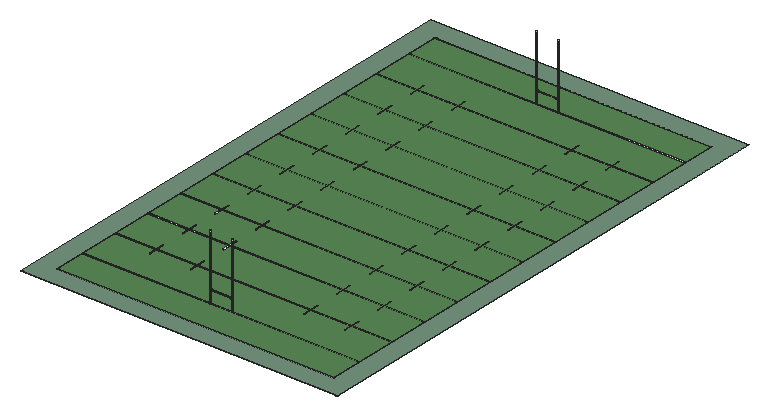
Revit family
Parameters (values of type "NRL Field")
  Width = 68000 mm
  URL = "http://www.nswrl.com.au/"
  Type Comments = "Touch areas may be larger depending on venue"
  Model = "Regulation NRL Field"
  Manufacturer = ""
  Length = 100000 mm
  Description = "National Rugby League Field"
Reference planes
  plane 1 "Center (Front/Back)": y = -38010.545
  plane 2: z = 0
  plane 3 "Center (Left/Right)": x = 0
  plane 4: x = -34000
  plane 5: x = 34000
  plane 6: y = 11989.455
  plane 7: y = -88010.545
Forms (mm)
  Extrusion 1, solid, material "NRL Field"
    sketch origin (0, 0, 0) x (1, 0, 0) y (0, 1, 0)
      loop
        line (-34000, -96010.545) -> (34000, -96010.545) -> (34000, 19989.455) -> (-34000, 19989.455) -> (-34000, -96010.545)
    from 0 to 10
  Extrusion 2, solid, material "NRL Touch"
    sketch origin (0, 0, 0) x (1, 0, 0) y (0, 1, 0)
      loop
        line (-34000, 19989.455) -> (-34000, -96010.545) -> (34000, -96010.545) -> (34000, 19989.455) -> (-34000, 19989.455)
      loop
        line (-39000, 24989.455) -> (-39000, -101010.545) -> (39000, -101010.545) -> (39000, 24989.455) -> (-39000, 24989.455)
    from 0 to 10
  Extrusion 3, solid, material "NRL Field Lines"
    sketch origin (-13440.989, -5362.514, 0) x (1, 0, 0) y (0, 1, 0)
      loop
        line (-20559.011, -32598.03) -> (-20559.011, -32698.03) -> (47440.989, -32698.03) -> (47440.989, -32598.03) -> (-20559.011, -32598.03)
    from 10 to 15
  Extrusion 4, solid, material "NRL Field Lines"
    sketch origin (-13440.989, -55412.514, 0) x (1, 0, 0) y (0, 1, 0)
      loop
        line (-20559.011, -32598.03) -> (-20559.011, -32698.03) -> (47440.989, -32698.03) -> (47440.989, -32598.03) -> (-20559.011, -32598.03)
    from 10 to 15
  Extrusion 5, solid, material "NRL Field Lines"
    sketch origin (-13440.989, 44587.486, 0) x (1, 0, 0) y (0, 1, 0)
      loop
        line (-20559.011, -32598.03) -> (-20559.011, -32698.03) -> (47440.989, -32698.03) -> (47440.989, -32598.03) -> (-20559.011, -32598.03)
    from 10 to 15
  Extrusion 6, solid, material "NRL Field Lines 40m"
    sketch origin (-13440.989, -15362.514, 0) x (1, 0, 0) y (0, 1, 0)
      loop
        line (-20559.011, -32598.03) -> (-20559.011, -32698.03) -> (47440.989, -32698.03) -> (47440.989, -32598.03) -> (-20559.011, -32598.03)
    from 10 to 15
  Extrusion 7, solid, material "NRL Field Lines"
    sketch origin (-13440.989, -25362.514, 0) x (1, 0, 0) y (0, 1, 0)
      loop
        line (-20559.011, -32598.03) -> (-20559.011, -32698.03) -> (47440.989, -32698.03) -> (47440.989, -32598.03) -> (-20559.011, -32598.03)
    from 10 to 15
  Extrusion 8, solid, material "NRL Field Lines"
    sketch origin (-13440.989, -35362.514, 0) x (1, 0, 0) y (0, 1, 0)
      loop
        line (-20559.011, -32598.03) -> (-20559.011, -32698.03) -> (47440.989, -32698.03) -> (47440.989, -32598.03) -> (-20559.011, -32598.03)
    from 10 to 15
  Extrusion 9, solid, material "NRL Field Lines"
    sketch origin (-13440.989, -35372.514, 0) x (1, 0, 0) y (0, 1, 0)
      loop
        line (-20559.011, -32598.03) -> (-20559.011, -32698.03) -> (47440.989, -32698.03) -> (47440.989, -32598.03) -> (-20559.011, -32598.03)
    from 10 to 15
  Extrusion 10, solid, material "NRL Field Lines"
    sketch origin (-13440.989, -45372.514, 0) x (1, 0, 0) y (0, 1, 0)
      loop
        line (-20559.011, -32598.03) -> (-20559.011, -32698.03) -> (47440.989, -32698.03) -> (47440.989, -32598.03) -> (-20559.011, -32598.03)
    from 10 to 15
  Extrusion 11, solid, material "NRL Field Lines 40m"
    sketch origin (-13440.989, -60658.575, 0) x (1, 0, 0) y (0, 1, 0)
      loop
        line (-20559.011, 32598.03) -> (47440.989, 32598.03) -> (47440.989, 32698.03) -> (-20559.011, 32698.03) -> (-20559.011, 32598.03)
    from 10 to 15
  Extrusion 12, solid, material "NRL Field Lines"
    sketch origin (-13440.989, -50658.575, 0) x (1, 0, 0) y (0, 1, 0)
      loop
        line (-20559.011, 32598.03) -> (47440.989, 32598.03) -> (47440.989, 32698.03) -> (-20559.011, 32698.03) -> (-20559.011, 32598.03)
    from 10 to 15
  Extrusion 13, solid, material "NRL Field Lines"
    sketch origin (-13440.989, -40658.575, 0) x (1, 0, 0) y (0, 1, 0)
      loop
        line (-20559.011, 32598.03) -> (47440.989, 32598.03) -> (47440.989, 32698.03) -> (-20559.011, 32698.03) -> (-20559.011, 32598.03)
    from 10 to 15
  Extrusion 14, solid, material "NRL Field Lines"
    sketch origin (-13440.989, -40648.575, 0) x (1, 0, 0) y (0, 1, 0)
      loop
        line (-20559.011, 32598.03) -> (47440.989, 32598.03) -> (47440.989, 32698.03) -> (-20559.011, 32698.03) -> (-20559.011, 32598.03)
    from 10 to 15
  Extrusion 15, solid, material "NRL Field Lines"
    sketch origin (-13440.989, -30648.575, 0) x (1, 0, 0) y (0, 1, 0)
      loop
        line (-20559.011, 32598.03) -> (47440.989, 32598.03) -> (47440.989, 32698.03) -> (-20559.011, 32698.03) -> (-20559.011, 32598.03)
    from 10 to 15
  Extrusion 16, solid, material "NRL Field Lines"
    sketch origin (0, 0, 0) x (1, 0, 0) y (0, 1, 0)
      loop
        line (-24000, -79986.994) -> (-23900, -79986.994) -> (-23900, -75986.994) -> (-24000, -75986.994) -> (-24000, -79986.994)
      loop
        line (-14000, -79986.994) -> (-13900, -79986.994) -> (-13900, -75986.994) -> (-14000, -75986.994) -> (-14000, -79986.994)
    from 10 to 15
  Extrusion 17, solid, material "NRL Field Lines"
    sketch origin (0, 10000, 0) x (1, 0, 0) y (0, 1, 0)
      loop
        line (-24000, -79986.994) -> (-23900, -79986.994) -> (-23900, -75986.994) -> (-24000, -75986.994) -> (-24000, -79986.994)
      loop
        line (-14000, -79986.994) -> (-13900, -79986.994) -> (-13900, -75986.994) -> (-14000, -75986.994) -> (-14000, -79986.994)
    from 10 to 15
  Extrusion 18, solid, material "NRL Field Lines"
    sketch origin (0, 20000, 0) x (1, 0, 0) y (0, 1, 0)
      loop
        line (-24000, -79986.994) -> (-23900, -79986.994) -> (-23900, -75986.994) -> (-24000, -75986.994) -> (-24000, -79986.994)
      loop
        line (-14000, -79986.994) -> (-13900, -79986.994) -> (-13900, -75986.994) -> (-14000, -75986.994) -> (-14000, -79986.994)
    from 10 to 15
  Extrusion 19, solid, material "NRL Field Lines"
    sketch origin (0, 30000, 0) x (1, 0, 0) y (0, 1, 0)
      loop
        line (-24000, -79986.994) -> (-23900, -79986.994) -> (-23900, -75986.994) -> (-24000, -75986.994) -> (-24000, -79986.994)
      loop
        line (-14000, -79986.994) -> (-13900, -79986.994) -> (-13900, -75986.994) -> (-14000, -75986.994) -> (-14000, -79986.994)
    from 10 to 15
  Extrusion 20, solid, material "NRL Field Lines"
    sketch origin (0, 40000, 0) x (1, 0, 0) y (0, 1, 0)
      loop
        line (-24000, -79986.994) -> (-23900, -79986.994) -> (-23900, -75986.994) -> (-24000, -75986.994) -> (-24000, -79986.994)
      loop
        line (-14000, -79986.994) -> (-13900, -79986.994) -> (-13900, -75986.994) -> (-14000, -75986.994) -> (-14000, -79986.994)
    from 10 to 15
  Extrusion 21, solid, material "NRL Field Lines"
    sketch origin (0, 0, 0) x (-1, 0, 0) y (0, -1, 0)
      loop
        line (-24000, 79986.994) -> (-24000, 75986.994) -> (-23900, 75986.994) -> (-23900, 79986.994) -> (-24000, 79986.994)
      loop
        line (-14000, 79986.994) -> (-14000, 75986.994) -> (-13900, 75986.994) -> (-13900, 79986.994) -> (-14000, 79986.994)
    from 10 to 15
  Extrusion 22, solid, material "NRL Field Lines"
    sketch origin (0, 10000, 0) x (-1, 0, 0) y (0, -1, 0)
      loop
        line (-24000, 79986.994) -> (-24000, 75986.994) -> (-23900, 75986.994) -> (-23900, 79986.994) -> (-24000, 79986.994)
      loop
        line (-14000, 79986.994) -> (-14000, 75986.994) -> (-13900, 75986.994) -> (-13900, 79986.994) -> (-14000, 79986.994)
    from 10 to 15
  Extrusion 23, solid, material "NRL Field Lines"
    sketch origin (0, 20000, 0) x (-1, 0, 0) y (0, -1, 0)
      loop
        line (-24000, 79986.994) -> (-24000, 75986.994) -> (-23900, 75986.994) -> (-23900, 79986.994) -> (-24000, 79986.994)
      loop
        line (-14000, 79986.994) -> (-14000, 75986.994) -> (-13900, 75986.994) -> (-13900, 79986.994) -> (-14000, 79986.994)
    from 10 to 15
  Extrusion 24, solid, material "NRL Field Lines"
    sketch origin (0, 30000, 0) x (-1, 0, 0) y (0, -1, 0)
      loop
        line (-24000, 79986.994) -> (-24000, 75986.994) -> (-23900, 75986.994) -> (-23900, 79986.994) -> (-24000, 79986.994)
      loop
        line (-14000, 79986.994) -> (-14000, 75986.994) -> (-13900, 75986.994) -> (-13900, 79986.994) -> (-14000, 79986.994)
    from 10 to 15
  Extrusion 25, solid, material "NRL Field Lines"
    sketch origin (0, -75921.089, 0) x (1, 0, 0) y (0, 1, 0)
      loop
        line (-24000, 79986.994) -> (-24000, 75986.994) -> (-23900, 75986.994) -> (-23900, 79986.994) -> (-24000, 79986.994)
      loop
        line (-14000, 79986.994) -> (-14000, 75986.994) -> (-13900, 75986.994) -> (-13900, 79986.994) -> (-14000, 79986.994)
    from 10 to 15
  Extrusion 26, solid, material "NRL Field Lines"
    sketch origin (0, -85921.089, 0) x (1, 0, 0) y (0, 1, 0)
      loop
        line (-24000, 79986.994) -> (-24000, 75986.994) -> (-23900, 75986.994) -> (-23900, 79986.994) -> (-24000, 79986.994)
      loop
        line (-14000, 79986.994) -> (-14000, 75986.994) -> (-13900, 75986.994) -> (-13900, 79986.994) -> (-14000, 79986.994)
    from 10 to 15
  Extrusion 27, solid, material "NRL Field Lines"
    sketch origin (0, -95921.089, 0) x (1, 0, 0) y (0, 1, 0)
      loop
        line (-24000, 79986.994) -> (-24000, 75986.994) -> (-23900, 75986.994) -> (-23900, 79986.994) -> (-24000, 79986.994)
      loop
        line (-14000, 79986.994) -> (-14000, 75986.994) -> (-13900, 75986.994) -> (-13900, 79986.994) -> (-14000, 79986.994)
    from 10 to 15
  Extrusion 28, solid, material "NRL Field Lines"
    sketch origin (0, -105921.089, 0) x (1, 0, 0) y (0, 1, 0)
      loop
        line (-24000, 79986.994) -> (-24000, 75986.994) -> (-23900, 75986.994) -> (-23900, 79986.994) -> (-24000, 79986.994)
      loop
        line (-14000, 79986.994) -> (-14000, 75986.994) -> (-13900, 75986.994) -> (-13900, 79986.994) -> (-14000, 79986.994)
    from 10 to 15
  Extrusion 29, solid, material "NRL Field Lines"
    sketch origin (0, -75921.089, 0) x (-1, 0, 0) y (0, -1, 0)
      loop
        line (-24000, -79986.994) -> (-23900, -79986.994) -> (-23900, -75986.994) -> (-24000, -75986.994) -> (-24000, -79986.994)
      loop
        line (-14000, -79986.994) -> (-13900, -79986.994) -> (-13900, -75986.994) -> (-14000, -75986.994) -> (-14000, -79986.994)
    from 10 to 15
  Extrusion 30, solid, material "NRL Field Lines"
    sketch origin (0, -85921.089, 0) x (-1, 0, 0) y (0, -1, 0)
      loop
        line (-24000, -79986.994) -> (-23900, -79986.994) -> (-23900, -75986.994) -> (-24000, -75986.994) -> (-24000, -79986.994)
      loop
        line (-14000, -79986.994) -> (-13900, -79986.994) -> (-13900, -75986.994) -> (-14000, -75986.994) -> (-14000, -79986.994)
    from 10 to 15
  Extrusion 31, solid, material "NRL Field Lines"
    sketch origin (0, -95921.089, 0) x (-1, 0, 0) y (0, -1, 0)
      loop
        line (-24000, -79986.994) -> (-23900, -79986.994) -> (-23900, -75986.994) -> (-24000, -75986.994) -> (-24000, -79986.994)
      loop
        line (-14000, -79986.994) -> (-13900, -79986.994) -> (-13900, -75986.994) -> (-14000, -75986.994) -> (-14000, -79986.994)
    from 10 to 15
  Extrusion 32, solid, material "NRL Field Lines"
    sketch origin (0, -105921.089, 0) x (-1, 0, 0) y (0, -1, 0)
      loop
        line (-24000, -79986.994) -> (-23900, -79986.994) -> (-23900, -75986.994) -> (-24000, -75986.994) -> (-24000, -79986.994)
      loop
        line (-14000, -79986.994) -> (-13900, -79986.994) -> (-13900, -75986.994) -> (-14000, -75986.994) -> (-14000, -79986.994)
    from 10 to 15
  Extrusion 33, solid, material "NRL Field Lines"
    sketch origin (0, 40000, 0) x (-1, 0, 0) y (0, -1, 0)
      loop
        line (-24000, 79986.994) -> (-24000, 75986.994) -> (-23900, 75986.994) -> (-23900, 79986.994) -> (-24000, 79986.994)
      loop
        line (-14000, 79986.994) -> (-14000, 75986.994) -> (-13900, 75986.994) -> (-13900, 79986.994) -> (-14000, 79986.994)
    from 10 to 15
  Extrusion 34, solid, material "NRL Goalposts Lower"
    sketch origin (88.909, 0, 0) x (1, 0, 0) y (0, 1, 0)
      loop
        circle (-2838.909, 11989.455) r 125
    from 0 to 1500
  Extrusion 35, solid, material "NRL Goalposts Lower"
    sketch origin (5588.909, 0, 0) x (1, 0, 0) y (0, 1, 0)
      loop
        circle (-2838.909, 11989.455) r 125
    from 0 to 1500
  Extrusion 36, solid, material "NRL Goalposts Upper"
    sketch origin (0, 0, 0) x (1, 0, 0) y (0, 1, 0)
      loop
        circle (-2750, 11989.455) r 125
    from 1500 to 16000
  Extrusion 37, solid, material "NRL Goalposts Upper"
    sketch origin (5500, 0, 0) x (1, 0, 0) y (0, 1, 0)
      loop
        circle (-2750, 11989.455) r 125
    from 1500 to 16000
  Extrusion 38, solid, material "NRL Goalposts Upper"
    sketch origin (0, 0, 0) x (0, 1, 0) y (0, 0, 1)
      loop
        circle (11989.455, 3000) r 100
    from -2750 to 2750
  Extrusion 39, solid, material "NRL Goalposts Lower"
    sketch origin (88.909, -76021.089, 0) x (1, 0, 0) y (0, 1, 0)
      loop
        circle (-2838.909, -11989.455) r 125
    from 0 to 1500
  Extrusion 40, solid, material "NRL Goalposts Lower"
    sketch origin (5588.909, -76021.089, 0) x (1, 0, 0) y (0, 1, 0)
      loop
        circle (-2838.909, -11989.455) r 125
    from 0 to 1500
  Extrusion 41, solid, material "NRL Goalposts Upper"
    sketch origin (0, -76021.089, 0) x (1, 0, 0) y (0, 1, 0)
      loop
        circle (-2750, -11989.455) r 125
    from 1500 to 16000
  Extrusion 42, solid, material "NRL Goalposts Upper"
    sketch origin (5500, -76021.089, 0) x (1, 0, 0) y (0, 1, 0)
      loop
        circle (-2750, -11989.455) r 125
    from 1500 to 16000
  Extrusion 43, solid, material "NRL Goalposts Upper"
    sketch origin (0, -76021.089, 0) x (0, -1, 0) y (0, 0, -1)
      loop
        circle (11989.455, -3000) r 100
    from -2750 to 2750
Dimensions and locks
  equal spacing: plane 7, plane 1 "Center (Front/Back)", plane 6
  equal spacing: plane 4, plane 3 "Center (Left/Right)", plane 5
  "Width": plane 4 to plane 5
  "Length": plane 7 to plane 6
  aligned and locked: plane 4 to Extrusion 1 sketch curve
  aligned and locked: Extrusion 1 sketch curve to plane 5
Automatic sketch dimensions
  plane 7 to Extrusion 1 sketch curve = 8000 mm
  Extrusion 1 sketch curve to plane 6 = 8000 mm
  Extrusion 2 sketch curve to plane 4 = 0 mm
  Extrusion 2 sketch curve to plane 5 = 0 mm
  plane 4 to Extrusion 2 sketch curve = 5000 mm
  Extrusion 2 sketch curve to plane 5 = 5000 mm
  plane 7 to Extrusion 2 sketch curve = 13000 mm
  Extrusion 2 sketch curve to Extrusion 2 sketch curve = 5000 mm  (x2)
  Extrusion 2 sketch curve to plane 6 = 8000 mm
  plane 1 "Center (Front/Back)" to Extrusion 3 sketch curve = 50 mm
  Extrusion 3 sketch curve to plane 4 = 0 mm
  Extrusion 3 sketch curve to plane 5 = 0 mm
  Extrusion 3 sketch curve to Extrusion 3 sketch curve = 100 mm
  Extrusion 4 sketch curve to plane 4 = 0 mm
  Extrusion 4 sketch curve to plane 5 = 0 mm
  Extrusion 4 sketch curve to plane 7 = 0 mm
  plane 7 to Extrusion 4 sketch curve = 100 mm
  Extrusion 5 sketch curve to plane 4 = 0 mm
  Extrusion 5 sketch curve to plane 5 = 0 mm
  Extrusion 5 sketch curve to plane 6 = 0 mm
  plane 6 to Extrusion 5 sketch curve = 100 mm
  Extrusion 6 sketch curve to plane 4 = 0 mm
  Extrusion 6 sketch curve to plane 5 = 0 mm
  plane 1 "Center (Front/Back)" to Extrusion 6 sketch curve = 10050 mm
  Extrusion 6 sketch curve to Extrusion 6 sketch curve = 100 mm
  Extrusion 7 sketch curve to plane 4 = 0 mm
  Extrusion 7 sketch curve to plane 5 = 0 mm
  plane 1 "Center (Front/Back)" to Extrusion 7 sketch curve = 20050 mm
  Extrusion 7 sketch curve to Extrusion 7 sketch curve = 100 mm
  Extrusion 8 sketch curve to plane 4 = 0 mm
  Extrusion 8 sketch curve to plane 5 = 0 mm
  Extrusion 8 sketch curve to plane 7 = 19950 mm
  Extrusion 8 sketch curve to Extrusion 8 sketch curve = 100 mm
  Extrusion 9 sketch curve to plane 4 = 0 mm
  Extrusion 9 sketch curve to plane 5 = 0 mm
  Extrusion 9 sketch curve to plane 7 = 19940 mm
  Extrusion 9 sketch curve to Extrusion 9 sketch curve = 100 mm
  Extrusion 10 sketch curve to plane 4 = 0 mm
  Extrusion 10 sketch curve to plane 5 = 0 mm
  Extrusion 10 sketch curve to plane 7 = 9940 mm
  Extrusion 10 sketch curve to Extrusion 10 sketch curve = 100 mm
  Extrusion 11 sketch curve to plane 4 = 0 mm
  Extrusion 11 sketch curve to plane 5 = 0 mm
  Extrusion 11 sketch curve to plane 1 "Center (Front/Back)" = 9950 mm
  Extrusion 11 sketch curve to Extrusion 11 sketch curve = 100 mm
  Extrusion 12 sketch curve to plane 4 = 0 mm
  Extrusion 12 sketch curve to plane 5 = 0 mm
  Extrusion 12 sketch curve to plane 1 "Center (Front/Back)" = 19950 mm
  Extrusion 12 sketch curve to Extrusion 12 sketch curve = 100 mm
  Extrusion 13 sketch curve to plane 4 = 0 mm
  Extrusion 13 sketch curve to plane 5 = 0 mm
  plane 6 to Extrusion 13 sketch curve = 20050 mm
  Extrusion 13 sketch curve to Extrusion 13 sketch curve = 100 mm
  Extrusion 14 sketch curve to plane 4 = 0 mm
  Extrusion 14 sketch curve to plane 5 = 0 mm
  plane 6 to Extrusion 14 sketch curve = 20040 mm
  Extrusion 14 sketch curve to Extrusion 14 sketch curve = 100 mm
  Extrusion 15 sketch curve to plane 4 = 0 mm
  Extrusion 15 sketch curve to plane 5 = 0 mm
  plane 6 to Extrusion 15 sketch curve = 10040 mm
  Extrusion 15 sketch curve to Extrusion 15 sketch curve = 100 mm
  Extrusion 16 sketch curve to plane 4 = 10000 mm
  Extrusion 16 sketch curve to Extrusion 16 sketch curve = 100 mm  (x2)
  Extrusion 16 sketch curve to Extrusion 16 sketch curve = 9900 mm
  Extrusion 16 sketch curve to plane 7 = 8023.55 mm  (x2)
  Extrusion 16 sketch curve to Extrusion 16 sketch curve = 4000 mm  (x2)
  Extrusion 17 sketch curve to plane 4 = 10000 mm
  Extrusion 17 sketch curve to Extrusion 17 sketch curve = 100 mm  (x2)
  Extrusion 17 sketch curve to Extrusion 17 sketch curve = 9900 mm
  Extrusion 17 sketch curve to plane 7 = 18023.55 mm
  Extrusion 17 sketch curve to Extrusion 17 sketch curve = 0 mm
  Extrusion 17 sketch curve to Extrusion 17 sketch curve = 4000 mm  (x2)
  Extrusion 18 sketch curve to plane 4 = 10000 mm
  Extrusion 18 sketch curve to Extrusion 18 sketch curve = 100 mm  (x2)
  Extrusion 18 sketch curve to Extrusion 18 sketch curve = 9900 mm
  plane 1 "Center (Front/Back)" to Extrusion 18 sketch curve = 21976.45 mm
  Extrusion 18 sketch curve to Extrusion 18 sketch curve = 0 mm
  Extrusion 18 sketch curve to Extrusion 18 sketch curve = 4000 mm  (x2)
  Extrusion 19 sketch curve to plane 4 = 10000 mm
  Extrusion 19 sketch curve to Extrusion 19 sketch curve = 100 mm  (x2)
  Extrusion 19 sketch curve to Extrusion 19 sketch curve = 9900 mm
  plane 1 "Center (Front/Back)" to Extrusion 19 sketch curve = 11976.45 mm
  Extrusion 19 sketch curve to Extrusion 19 sketch curve = 0 mm
  Extrusion 19 sketch curve to Extrusion 19 sketch curve = 4000 mm  (x2)
  Extrusion 20 sketch curve to plane 1 "Center (Front/Back)" = 2023.55 mm  (x2)
  Extrusion 20 sketch curve to plane 4 = 10000 mm
  Extrusion 20 sketch curve to Extrusion 20 sketch curve = 100 mm  (x2)
  plane 1 "Center (Front/Back)" to Extrusion 20 sketch curve = 1976.45 mm  (x2)
  Extrusion 20 sketch curve to Extrusion 20 sketch curve = 9900 mm
  plane 5 to Extrusion 21 sketch curve = 10000 mm
  Extrusion 21 sketch curve to Extrusion 21 sketch curve = 100 mm  (x2)
  Extrusion 21 sketch curve to Extrusion 21 sketch curve = 9900 mm
  Extrusion 21 sketch curve to plane 7 = 12023.55 mm
  Extrusion 21 sketch curve to Extrusion 21 sketch curve = 0 mm
  Extrusion 21 sketch curve to Extrusion 21 sketch curve = 4000 mm  (x2)
  plane 5 to Extrusion 22 sketch curve = 10000 mm
  Extrusion 22 sketch curve to Extrusion 22 sketch curve = 100 mm  (x2)
  Extrusion 22 sketch curve to Extrusion 22 sketch curve = 9900 mm
  Extrusion 22 sketch curve to plane 7 = 22023.55 mm
  Extrusion 22 sketch curve to Extrusion 22 sketch curve = 0 mm
  Extrusion 22 sketch curve to Extrusion 22 sketch curve = 4000 mm  (x2)
  plane 5 to Extrusion 23 sketch curve = 10000 mm
  Extrusion 23 sketch curve to Extrusion 23 sketch curve = 100 mm  (x2)
  Extrusion 23 sketch curve to Extrusion 23 sketch curve = 9900 mm
  plane 1 "Center (Front/Back)" to Extrusion 23 sketch curve = 17976.45 mm
  Extrusion 23 sketch curve to Extrusion 23 sketch curve = 0 mm
  Extrusion 23 sketch curve to Extrusion 23 sketch curve = 4000 mm  (x2)
  plane 5 to Extrusion 24 sketch curve = 10000 mm
  Extrusion 24 sketch curve to Extrusion 24 sketch curve = 100 mm  (x2)
  Extrusion 24 sketch curve to Extrusion 24 sketch curve = 9900 mm
  plane 1 "Center (Front/Back)" to Extrusion 24 sketch curve = 7976.45 mm  (x2)
  Extrusion 24 sketch curve to Extrusion 24 sketch curve = 4000 mm  (x2)
  Extrusion 25 sketch curve to plane 4 = 10000 mm
  Extrusion 25 sketch curve to Extrusion 25 sketch curve = 100 mm  (x2)
  Extrusion 25 sketch curve to Extrusion 25 sketch curve = 9900 mm
  plane 6 to Extrusion 25 sketch curve = 11923.55 mm
  Extrusion 25 sketch curve to Extrusion 25 sketch curve = 0 mm
  Extrusion 25 sketch curve to Extrusion 25 sketch curve = 4000 mm  (x2)
  Extrusion 26 sketch curve to plane 4 = 10000 mm
  Extrusion 26 sketch curve to Extrusion 26 sketch curve = 100 mm  (x2)
  Extrusion 26 sketch curve to Extrusion 26 sketch curve = 9900 mm
  plane 6 to Extrusion 26 sketch curve = 21923.55 mm
  Extrusion 26 sketch curve to Extrusion 26 sketch curve = 0 mm
  Extrusion 26 sketch curve to Extrusion 26 sketch curve = 4000 mm  (x2)
  Extrusion 27 sketch curve to plane 4 = 10000 mm
  Extrusion 27 sketch curve to Extrusion 27 sketch curve = 100 mm  (x2)
  Extrusion 27 sketch curve to Extrusion 27 sketch curve = 9900 mm
  Extrusion 27 sketch curve to plane 1 "Center (Front/Back)" = 18076.45 mm
  Extrusion 27 sketch curve to Extrusion 27 sketch curve = 0 mm
  Extrusion 27 sketch curve to Extrusion 27 sketch curve = 4000 mm  (x2)
  Extrusion 28 sketch curve to plane 4 = 10000 mm
  Extrusion 28 sketch curve to Extrusion 28 sketch curve = 100 mm  (x2)
  Extrusion 28 sketch curve to Extrusion 28 sketch curve = 9900 mm
  Extrusion 28 sketch curve to plane 1 "Center (Front/Back)" = 8076.45 mm  (x2)
  Extrusion 28 sketch curve to Extrusion 28 sketch curve = 4000 mm  (x2)
  plane 5 to Extrusion 29 sketch curve = 10000 mm
  Extrusion 29 sketch curve to Extrusion 29 sketch curve = 100 mm  (x2)
  Extrusion 29 sketch curve to Extrusion 29 sketch curve = 9900 mm
  plane 6 to Extrusion 29 sketch curve = 7923.55 mm  (x2)
  Extrusion 29 sketch curve to Extrusion 29 sketch curve = 4000 mm  (x2)
  plane 5 to Extrusion 30 sketch curve = 10000 mm
  Extrusion 30 sketch curve to Extrusion 30 sketch curve = 100 mm  (x2)
  Extrusion 30 sketch curve to Extrusion 30 sketch curve = 9900 mm
  plane 6 to Extrusion 30 sketch curve = 17923.55 mm
  Extrusion 30 sketch curve to Extrusion 30 sketch curve = 0 mm
  Extrusion 30 sketch curve to Extrusion 30 sketch curve = 4000 mm  (x2)
  plane 5 to Extrusion 31 sketch curve = 10000 mm
  Extrusion 31 sketch curve to Extrusion 31 sketch curve = 100 mm  (x2)
  Extrusion 31 sketch curve to Extrusion 31 sketch curve = 9900 mm
  Extrusion 31 sketch curve to plane 1 "Center (Front/Back)" = 22076.45 mm
  Extrusion 31 sketch curve to Extrusion 31 sketch curve = 0 mm
  Extrusion 31 sketch curve to Extrusion 31 sketch curve = 4000 mm  (x2)
  plane 5 to Extrusion 32 sketch curve = 10000 mm
  Extrusion 32 sketch curve to Extrusion 32 sketch curve = 100 mm  (x2)
  Extrusion 32 sketch curve to Extrusion 32 sketch curve = 9900 mm
  Extrusion 32 sketch curve to plane 1 "Center (Front/Back)" = 12076.45 mm
  Extrusion 32 sketch curve to Extrusion 32 sketch curve = 0 mm
  Extrusion 32 sketch curve to Extrusion 32 sketch curve = 4000 mm  (x2)
  Extrusion 33 sketch curve to plane 1 "Center (Front/Back)" = 2023.55 mm  (x2)
  plane 5 to Extrusion 33 sketch curve = 10000 mm
  Extrusion 33 sketch curve to Extrusion 33 sketch curve = 100 mm  (x2)
  plane 1 "Center (Front/Back)" to Extrusion 33 sketch curve = 1976.45 mm  (x2)
  Extrusion 33 sketch curve to Extrusion 33 sketch curve = 9900 mm
  Extrusion 34 sketch curve to plane 6 = 0 mm
  Extrusion 34 sketch curve to plane 3 "Center (Left/Right)" = 2750 mm
  Extrusion 35 sketch curve to plane 6 = 0 mm
  plane 3 "Center (Left/Right)" to Extrusion 35 sketch curve = 2750 mm
  Extrusion 36 sketch curve to plane 6 = 0 mm
  Extrusion 36 sketch curve to plane 3 "Center (Left/Right)" = 2750 mm
  Extrusion 37 sketch curve to plane 6 = 0 mm
  plane 3 "Center (Left/Right)" to Extrusion 37 sketch curve = 2750 mm
  Extrusion 38 sketch curve to plane 6 = 0 mm
  level to Extrusion 38 sketch curve = 3000 mm
  Extrusion 39 sketch curve to plane 7 = 0 mm
  Extrusion 39 sketch curve to plane 3 "Center (Left/Right)" = 2750 mm
  Extrusion 40 sketch curve to plane 7 = 0 mm
  plane 3 "Center (Left/Right)" to Extrusion 40 sketch curve = 2750 mm
  Extrusion 41 sketch curve to plane 7 = 0 mm
  Extrusion 41 sketch curve to plane 3 "Center (Left/Right)" = 2750 mm
  Extrusion 42 sketch curve to plane 7 = 0 mm
  plane 3 "Center (Left/Right)" to Extrusion 42 sketch curve = 2750 mm
  Extrusion 43 sketch curve to plane 7 = 0 mm
  level to Extrusion 43 sketch curve = 3000 mm
  radius of Extrusion 34 sketch curve = 125 mm
  radius of Extrusion 35 sketch curve = 125 mm
  radius of Extrusion 36 sketch curve = 125 mm
  radius of Extrusion 37 sketch curve = 125 mm
  radius of Extrusion 38 sketch curve = 100 mm
  radius of Extrusion 39 sketch curve = 125 mm
  radius of Extrusion 40 sketch curve = 125 mm
  radius of Extrusion 41 sketch curve = 125 mm
  radius of Extrusion 42 sketch curve = 125 mm
  radius of Extrusion 43 sketch curve = 100 mm
